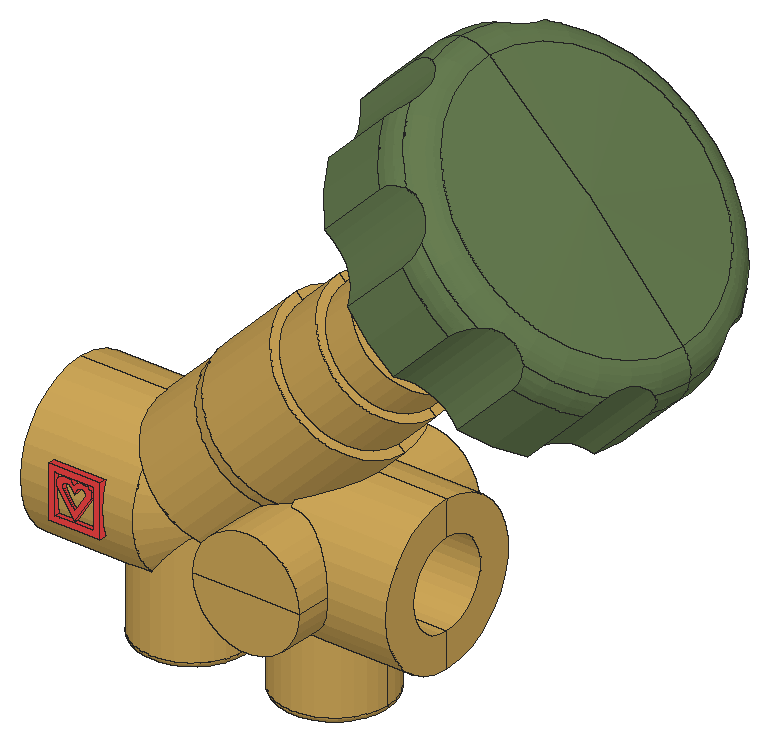
Revit family "Absperrventil 4125 AWD", category Rohrzubehör, Revit 2018
Family settings
  Bemaßung runder Anschluss = Durchmesser verwenden
  Teiletyp = Unterbricht
  OmniClass-Nummer = 23.65.55.14
  OmniClass-Titel = Valves for Liquid Services
  Arbeitsebenenbasiert = Nein
  Immer vertikal = Ja
  Beim Laden mit Abzugskörper schneiden = Nein
  Gemeinsam genutzt = Nein
Parameters
  W01 = 45.00°  # constant formula
  URL = "www.herz-armaturen.at"
  Technisch möglicher Einsatz = " "  # constant formula
  Spindel = "Messing CW617N"  # constant formula
  SW01 = 60.00°  # constant formula
  SC_NennweiteBerechnet = 0
  SC_Dimension = ""
  SCTWSEQ = "FW;SBT_TYP_FW=\"109\";2"
  SCTWCODE = "04;00;02"  # constant formula
  S03 = 60.000 mm  # constant formula
  S02 [instance] = L06 + L09 + L12 + L15  # 77.900 mm
  S01 [instance] = R01 * 2  # 27.000 mm
  R12 [instance] = R01 - 1.000 mm  # 12.500 mm
  R11 [instance] = size_lookup("4125AWD_", "R11", 46.500 mm, Nennweite)  # 5.100 mm
  R100 = 1.000 mm  # constant formula
  R10 [instance] = size_lookup("4125AWD_", "R10", 46.500 mm, Nennweite)  # 8.000 mm
  R09 [instance] = size_lookup("4125AWD_", "R9", 46.500 mm, Nennweite)  # 10.500 mm
  R08 [instance] = size_lookup("4125AWD_", "R8", 46.500 mm, Nennweite)  # 12.000 mm
  R07 [instance] = size_lookup("4125AWD_", "R7", 46.500 mm, Nennweite)  # 13.500 mm
  R06 [instance] = size_lookup("4125AWD_", "R6", 43.000 mm, Nennweite)  # 13.000 mm
  R05 [instance] = Nennweite / 2  # 7.500 mm
  R04 [instance] = size_lookup("4125AWD_", "R4", 11.500 mm, Nennweite)  # 9.500 mm
  R03 = 9.500 mm  # constant formula
  R02 [instance] = Nennweite / 2  # 7.500 mm
  R01 [instance] = size_lookup("4125AWD_", "R1", 11.500 mm, Nennweite)  # 13.500 mm
  Oberteil = "entzinkungsbeständiges Messing CW626N"  # constant formula
  Nennweite [instance] = 15.000 mm
  Min. Durchfluss bei Dp 10 kPa [instance] = if(Nennweite = 15.000 mm, 0.5 L/s, if(Nennweite = 20.000 mm, 1.0 L/s, if(Nennweite = 25.000 mm, 1.75 L/s, if(Nennweite = 32.000 mm, 3.0 L/s, if(Nennweite = 40.000 mm, 4.0 L/s, if(Nennweite = 50.000 mm, 6.75 L/s, if(Nennweite = 65.000 mm, 11.0 L/s, if(Nennweite = 80.000 mm, 16.0 L/s, 0.0 L/s))))))))  # 0.5 L/s
  Medium = "Trinkwasser"  # constant formula
  Max. Gebrauchstemperatur (ÖVGW) = 65 °C  # constant formula
  Max. Differenzdruck auf geschlossenen Sitz = 1000000.0 Pa  # constant formula
  Max. Betriebstemperatur = 80 °C  # constant formula
  Max. Betriebsdruck (ÖVGW) = 1000000.0 Pa  # constant formula
  Max. Betriebsdruck = 2000000.0 Pa  # constant formula
  L16 [instance] = L01 / 2  # 10.000 mm
  L15 [instance] = size_lookup("4125AWD_", "L15", 12.400 mm, Nennweite)  # 12.400 mm
  L14 [instance] = size_lookup("4125AWD_", "L14", 81.000 mm, Nennweite)  # 6.000 mm
  L12 [instance] = size_lookup("4125AWD_", "L12", 81.000 mm, Nennweite)  # 26.000 mm
  L11 [instance] = size_lookup("4125AWD_", "L11", 60.000 mm, Nennweite)  # 6.700 mm
  L10 [instance] = size_lookup("4125AWD_", "L10", 20.000 mm, Nennweite)  # 9.300 mm
  L09 [instance] = size_lookup("4125AWD_", "L9", 11.000 mm, Nennweite)  # 17.000 mm
  L08 [instance] = size_lookup("4125AWD_", "L8", 35.000 mm, Nennweite)  # 20.000 mm
  L07 [instance] = size_lookup("4125AWD_", "L7", 35.000 mm, Nennweite)  # 12.500 mm
  L06 [instance] = size_lookup("4125AWD_", "L6", 118.000 mm, Nennweite) - L09  # 22.500 mm
  L05 [instance] = size_lookup("4125AWD_", "L5", 44.000 mm, Nennweite)  # 20.500 mm
  L04 [instance] = size_lookup("4125AWD_", "L4", 45.000 mm, Nennweite)  # 19.500 mm
  L03 = 15.000 mm  # constant formula
  L02 [instance] = size_lookup("4125AWD_", "L2", 22.000 mm, Nennweite)  # 6.000 mm
  L01 [instance] = size_lookup("4125AWD_", "L1", 48.000 mm, Nennweite)  # 20.000 mm
  L00 [instance] = size_lookup("4125AWD_", "L", 180.000 mm, Nennweite)  # 65.000 mm
  Kegel = "entzinkungsbeständiges Messing CW626N"  # constant formula
  Hinweis = "Gemäß Art 33 der REACH-Verordnung (EG Nr. 1907/2006) sind wir verpflichtet, darauf hinzuweisen, dass der Stoff Blei auf der SVHC-Liste geführt wird und dass alle aus Messing bestehenden Bauteile, die in unseren Erzeugnissen verarbeitet sind, mehr als 0,1 % (w/w) Blei (CAS: 7439-92-1 / EINECS: 231-100-4) enthalten.\r\nDa Blei als Legierungsbestandteil fest gebunden ist, sind keine Expositionen zu erwarten und daher sind keine zusätzlichen Angaben zur sicheren Verwendung notwendig."
  Hersteller = "HERZ Armaturen Ges.m.b.H."  # constant formula
  Handrad = "Kunststoff, grün"  # constant formula
  H01 [instance] = size_lookup("4125AWD_", "H1", 53.000 mm, Nennweite)  # 24.000 mm
  Gelegentliche Temperaturanstiege = "bis 95°C, wenn sie nicht länger als 1 h andauern"  # constant formula
  Gehäuse = "entzinkungsbeständiges Gussmessing CC770S"  # constant formula
  Dichtungen = "EPDM nach KTW"  # constant formula
  DN80 [instance] = Nennweite = 80.000 mm  # no
  DN65 [instance] = Nennweite = 65.000 mm  # no
  DN50 [instance] = Nennweite = 50.000 mm  # no
  DN40 [instance] = Nennweite = 40.000 mm  # no
  DN32 [instance] = Nennweite = 32.000 mm  # no
  DN25 [instance] = Nennweite = 25.000 mm  # no
  DN20 [instance] = Nennweite = 20.000 mm  # no
  DN15 [instance] = Nennweite = 15.000 mm  # yes
  Bestellnummer [instance] = size_lookup("4125AWD_", "Artnr", 0, Nennweite)  # 2412571
  Anwendungsgebiet = "Zum Absperren von Trinkwasserleitungen in Gebäuden."
Reference planes
  plane 1 "Mitte (Vorne/hinten)": y = 0
  plane 2: z = 0
  plane 3 "Mitte (Links/rechts)": x = 0
Forms (mm)
  Revolve 1, solid, material "Messing, weicher Gelbton, geschweißt", detail levels fine
    sketch origin (470, 0, 0) x (1, 0, 0) y (0, 0, 1)
      loop
        line (-502.5, 7.5) -> (-487.5, 7.5) -> (-487.5, 0) -> (-452.5, 0) -> (-452.5, 7.5) -> (-437.5, 7.5) -> (-437.5, 13.5) -> (-457.5, 13.5) -> (-464, 7.5) -> (-476, 7.5) -> (-482.5, 13.5) -> (-502.5, 13.5) -> (-502.5, 7.5)
      axis (-502.5, 0) -> (-437.5, 0)
    angle from 0 to 360
  Revolve 2, solid, material "Messing, weicher Gelbton, geschweißt", detail levels fine
    sketch origin (470, 0, 0) x (1, 0, 0) y (0, 0, 1)
      loop
        line (-492, 0) -> (-492, -23)
        arc (-492, -23) -> (-491.707, -23.707) -> (-491, -24) r 1
        line (-491, -24) -> (-482.5, -24) -> (-482.5, 0) -> (-492, 0)
      axis (-482.5, 0) -> (-482.5, -24)
    angle from 0 to 360
  Revolve 3, solid, material "Messing, weicher Gelbton, geschweißt", detail levels fine
    sketch origin (0, 0, 0) x (1, 0, 0) y (0, 1, 0)
      loop
        line (12.5, -19.5) -> (22, -19.5) -> (22, 20.5) -> (12.5, 20.5) -> (12.5, -19.5)
      axis (12.5, -19.5) -> (12.5, 20.5)
    angle from 0 to 360
  Revolve 4, solid, material "Messing, weicher Gelbton, geschweißt", detail levels fine
    sketch origin (-470, 0, 0) x (-1, 0, 0) y (0, 0, 1)
      loop
        line (-492, 0) -> (-492, -23)
        arc (-492, -23) -> (-491.707, -23.707) -> (-491, -24) r 1
        line (-491, -24) -> (-482.5, -24) -> (-482.5, 0) -> (-492, 0)
      axis (-482.5, 0) -> (-482.5, -24)
    angle from 0 to 360
  Revolve 5, solid, material "Messing, weicher Gelbton, geschweißt", detail levels fine
    sketch origin (0.32, 0, -0.105) x (1, 0, 0) y (0, 0, 1)
      loop
        line (-12.82, 0) -> (42.264, 55.084) -> (38.657, 58.69) -> (29.889, 49.922) -> (27.839, 51.972) -> (20.767, 44.901) -> (19, 46.669) -> (14.262, 41.931) -> (13.201, 42.992) -> (6.625, 36.416) -> (5.565, 37.477) -> (-6.456, 25.456) -> (-7.87, 23.335) -> (-17.77, 13.435) -> (-18.123, 5.303) -> (-12.82, 0)
      axis (-12.82, 0) -> (42.264, 55.084)
    angle from 0 to 360
Lines and regions (mm)
  model lines, detail levels coarse+medium
    curve 1: line (-32.5, 0, 13.5) -> (-32.5, 0, -13.5)
    curve 2: line (-32.5, 0, -13.5) -> (32.5, 0, 13.5)
    curve 3: line (32.5, 0, 13.5) -> (32.5, 0, -13.5)
    curve 4: line (32.5, 0, -13.5) -> (-32.5, 0, 13.5)
    curve 5: line (0, 0, 0) -> (38.95, 0, 67.463)
    curve 6: line (12.969, 0, 82.463) -> (64.931, 0, 52.463)
    curve 7: line (-32.5, -13.5, 0) -> (-32.5, 13.5, 0)
    curve 8: line (-32.5, 13.5, 0) -> (32.5, -13.5, 0)
    curve 9: line (32.5, -13.5, 0) -> (32.5, 13.5, 0)
    curve 10: line (32.5, 13.5, 0) -> (-32.5, -13.5, 0)
    curve 11: line (0, 0, 0) -> (38.95, 67.463, 0)
    curve 12: line (12.969, 82.463, 0) -> (64.931, 52.463, 0)
Dimensions and locks
  "H01": plane 2 to Revolve 2 sketch curve
  "L00": Revolve 1 sketch curve to Revolve 1 sketch curve
  equal spacing: Revolve 1 sketch curve, plane 3 "Mitte (Links/rechts)", Revolve 1 sketch curve
  "R01": Revolve 1 sketch curve to Revolve 1 sketch curve  (x2)
  "R02": Revolve 1 sketch curve to Revolve 1 sketch curve  (x3)
  "L01": Revolve 1 sketch curve to Revolve 1 sketch curve  (x2)
  "L02": plane 3 "Mitte (Links/rechts)" to Revolve 1 sketch curve
  "L02": Revolve 1 sketch curve to plane 3 "Mitte (Links/rechts)"
  "L03": Revolve 1 sketch curve to Revolve 1 sketch curve  (x2)
  "L01": Revolve 1 to Revolve 2 sketch curve
  "R03": Revolve 2 sketch curve to Revolve 2 sketch curve
  "L01": Revolve 4 sketch curve to Revolve 1
  "R03": Revolve 4 sketch curve to Revolve 4 sketch curve
  "H01": plane 2 to Revolve 4 sketch curve
  "L04": Revolve 3 sketch curve to plane 1 "Mitte (Vorne/hinten)"
  "L05": plane 1 "Mitte (Vorne/hinten)" to Revolve 3 sketch curve
  "R04": Revolve 3 sketch curve to Revolve 3 sketch curve
  "L01": Revolve 3 sketch curve to Revolve 1
  "R07": Revolve 5 sketch curve to Revolve 5 sketch curve
  "L07": plane 3 "Mitte (Links/rechts)" to Revolve 5 sketch curve
  "R05": Revolve 5 sketch curve to Revolve 5 sketch curve
  "L06": Revolve 5 sketch curve to Revolve 5 sketch curve
  "L08": Revolve 5 sketch curve to Revolve 5 sketch curve
  "R06": Revolve 5 sketch curve to Revolve 5 sketch curve
  "L14": Revolve 5 sketch curve to Revolve 5 sketch curve
  "L09": Revolve 5 sketch curve to Revolve 5 sketch curve
  "R08": Revolve 5 sketch curve to Revolve 5 sketch curve
  "L10": Revolve 5 sketch curve to Revolve 5 sketch curve
  "R09": Revolve 5 sketch curve to Revolve 5 sketch curve
  "R10": Revolve 5 sketch curve to Revolve 5 sketch curve
  "L12": Revolve 5 sketch curve to Revolve 5 sketch curve
  "R11": Revolve 5 sketch curve to Revolve 5 sketch curve
  "L15": Revolve 5 sketch curve to Revolve 5 sketch curve
  "L11": Revolve 5 sketch curve to Revolve 5 sketch curve
  "R12": nested 9 to plane 1 "Mitte (Vorne/hinten)"
  "L16": Revolve 1 to nested 9
  equal spacing: curve 1, plane 3 "Mitte (Links/rechts)", curve 3
  "L00": curve 1 to curve 3
  equal spacing: curve 4, plane 2, curve 2
  "S01": curve 4 to curve 1
  "S01": curve 3 to curve 4
  equal spacing: curve 3, plane 2, curve 4
  "S02": curve 5 to curve 5
  equal spacing: curve 6, curve 5, curve 6
  "S03": curve 6 to curve 6
  equal spacing: curve 7, plane 3 "Mitte (Links/rechts)", curve 9
  "L00": curve 7 to curve 9
  equal spacing: curve 10, plane 1 "Mitte (Vorne/hinten)", curve 8
  "S01": curve 8 to curve 10
  equal spacing: curve 9, plane 1 "Mitte (Vorne/hinten)", curve 10
  "S01": curve 10 to curve 9
  "S02": curve 11 to curve 11
  equal spacing: curve 12, curve 11, curve 12
  "S03": curve 12 to curve 12
  "R100": radius of Revolve 2 sketch curve
  "R100": radius of Revolve 4 sketch curve
  "W01": angle plane 2 to Revolve 5 sketch curve
  "W01": angle level to Revolve 5 sketch curve
  "SW01": angle plane 2 to curve 5
  "SW01": angle plane 1 "Mitte (Vorne/hinten)" to curve 11
  aligned and locked: level to plane 2
Automatic sketch dimensions
  curve 5 to level = 0.000 mm
  plane 1 "Mitte (Vorne/hinten)" to curve 11 = 0.000 mm
  Revolve 1 sketch curve to level = 0.000 mm  (x2)
  Revolve 1 sketch curve to Revolve 1 sketch curve = 791.990 mm
  Revolve 1 sketch curve to Revolve 1 sketch curve = 2278.983 mm
  Revolve 2 sketch curve to level = 0.000 mm  (x2)
  Revolve 2 sketch curve to Revolve 2 sketch curve = 0.000 mm
  Revolve 2 sketch curve to Revolve 2 sketch curve = 0.292 mm
  Revolve 3 sketch curve to Revolve 3 sketch curve = 0.000 mm  (x3)
  Revolve 4 sketch curve to level = 0.000 mm  (x2)
  Revolve 4 sketch curve to Revolve 4 sketch curve = 0.000 mm
  Revolve 4 sketch curve to Revolve 4 sketch curve = 0.292 mm
  Revolve 5 sketch curve to level = 0.105 mm
  Revolve 5 sketch curve to Revolve 5 sketch curve = 0.000 mm  (x2)
Nested families
  nested 1: "Strömax-Handrad_Schrägsitz (Grün)" at (42.584, 0, 54.979), visible <- "DN15", type "Strömax-Handrad_Schrägsitz (Grün)", detail levels fine
    with Nennweite 0.000 mm, Gewicht 0.00 kg, Bestellnummer 0
  nested 2: "Strömax-Handrad_Schrägsitz (Grün)" at (54.312, 0, 67.707), visible <- "DN20", type "Strömax-Handrad_Schrägsitz (Grün)", detail levels fine
    with Nennweite 0.000 mm, Gewicht 0.00 kg, Bestellnummer 0
  nested 3: "Strömax-Handrad_Schrägsitz (Grün)" at (62.469, 0, 80.364), visible <- "DN25", type "Strömax-Handrad_Schrägsitz (Grün)", detail levels fine
    with Nennweite 0.000 mm, Gewicht 0.00 kg, Bestellnummer 0
  nested 4: "Strömax-Handrad_Schrägsitz (Grün)" at (71.712, 0, 91.607), visible <- "DN32", type "Strömax-Handrad_Schrägsitz (Grün)", detail levels fine
    with Nennweite 0.000 mm, Gewicht 0.00 kg, Bestellnummer 0
  nested 5: "Strömax-Handrad_Schrägsitz (Grün)" at (80.399, 0, 101.294), visible <- "DN40", type "Strömax-Handrad_Schrägsitz (Grün)", detail levels fine
    with Nennweite 0.000 mm, Gewicht 0.00 kg, Bestellnummer 0
  nested 6: "Strömax-Handrad_Schrägsitz (Grün)" at (97.83, 0, 129.225), visible <- "DN50", type "Strömax-Handrad_Schrägsitz (Grün)", detail levels fine
    with Nennweite 0.000 mm, Gewicht 0.00 kg, Bestellnummer 0
  nested 7: "Strömax-Handrad_Schrägsitz (Grün)" at (114.482, 0, 149.378), visible <- "DN65", type "Strömax-Handrad_Schrägsitz (Grün)", detail levels fine
    with Nennweite 0.000 mm, Gewicht 0.00 kg, Bestellnummer 0
  nested 8: "Strömax-Handrad_Schrägsitz (Grün)" at (140.423, 0, 183.319), visible <- "DN80", type "Strömax-Handrad_Schrägsitz (Grün)", detail levels fine
    with Nennweite 0.000 mm, Gewicht 0.00 kg, Bestellnummer 0
  nested 9: "Herz-Logo-vorne" at (-22.5, -13.232, 0) x (0, 1, 0) z (0, 0, 1), type "Herz-Logo-vorne", detail levels fine
Connectors
  piping at (-17.5, 0, 0), diameter 15, driven by "Nennweite"
    settings: on Revolve 1, index 1, connector inside diameter 609.6 mm, connector length 0.000 mm, flow factor 0, pipe flow 0.0 L/s, pressure drop 0.0 Pa, fitting loss kfactor 0, connector angle 0.00°, fixture units 0, engagement length 0.000 mm, angle of deflection 0.00°, flow configuration 0, flow direction 1, fitting loss method 0, system type 29, joint type 0, gender type 0, connector reference index -1, connector utility 0, adjustable connector no, is connector primary yes, connector description ""
  piping at (17.5, 0, 0), diameter 15, driven by "Nennweite"
    settings: on Revolve 1, index 2, connector inside diameter 609.6 mm, connector length 0.000 mm, flow factor 0, pipe flow 0.0 L/s, pressure drop 0.0 Pa, fitting loss kfactor 0, connector angle 0.00°, fixture units 0, engagement length 0.000 mm, angle of deflection 0.00°, flow configuration 0, flow direction 2, fitting loss method 0, system type 29, joint type 0, gender type 0, connector reference index -1, connector utility 0, adjustable connector no, is connector primary no, connector description ""
Definition of nested family "Strömax-Handrad_Schrägsitz (Grün)"
  Parameters (values of type "Strömax-Handrad_Schrägsitz (Grün)")
    URL = "www.herz-armaturen.at"
    Nennweite [instance] = 0.000 mm
    Manufacturer = "Herz Armaturen GmbH"  # constant formula
    Gewicht [instance] = 0.00 kg
    Bestellnummer [instance] = 0
  Reference planes
    plane 1 "Mitte (Vorne/hinten)": y = 0
    plane 2: z = 0
    plane 3 "Mitte (Links/rechts)": x = 0
  Forms (mm)
    Revolve 1, solid
      sketch origin (0, 0, 0) x (0.707107, 0, -0.707107) y (0.707107, 0, 0.707107)
        loop
          line (0, 0) -> (0, 22)
          arc (0, 22) -> (-12.15, 21.705) -> (-24.271, 20.819) r 250
          arc (-24.271, 20.819) -> (-26.831, 19.959) -> (-28.754, 18.063) r 6
          arc (-28.754, 18.063) -> (-29.682, 16.008) -> (-30, 13.776) r 8
          line (-30, 13.776) -> (-30, 0) -> (0, 0)
        axis (0, 22) -> (0, 0)
      angle from 0 to 360
    Extrusion 2, void
      sketch origin (0, 0, 0) x (0.707107, 0, -0.707107) y (0, 1, 0)
        loop
          circle (14.351, -34.645) r 10
      from 0 to 22
    Extrusion 3, void
      sketch origin (0, 0, 0) x (-0.707107, 0, 0.707107) y (0, -1, 0)
        loop
          circle (14.351, 34.645) r 10
      from 0 to 22
    Extrusion 4, void
      sketch origin (0, 0, 0) x (0, -1, 0) y (0.707107, 0, -0.707107)
        loop
          circle (14.351, 34.645) r 10
      from 0 to 22
    Extrusion 5, void
      sketch origin (0, 0, 0) x (0, 1, 0) y (-0.707107, 0, 0.707107)
        loop
          circle (14.351, -34.645) r 10
      from 0 to 22
    Extrusion 6, void
      sketch origin (0, 0, 0) x (0, -1, 0) y (0.707107, 0, -0.707107)
        loop
          circle (14.351, -34.645) r 10
      from 0 to 22
    Extrusion 7, void
      sketch origin (0, 0, 0) x (0, 1, 0) y (-0.707107, 0, 0.707107)
        loop
          circle (14.351, 34.645) r 10
      from 0 to 22
    Extrusion 8, void
      sketch origin (0, 0, 0) x (0.707107, 0, -0.707107) y (0, 1, 0)
        loop
          circle (14.351, 34.645) r 10
      from 0 to 22
    Extrusion 9, void
      sketch origin (0, 0, 0) x (-0.707107, 0, 0.707107) y (0, -1, 0)
        loop
          circle (14.351, -34.645) r 10
      from 0 to 22
  Cuts and joins
    Extrusion 2, Extrusion 3, Extrusion 4, Extrusion 5, Extrusion 6, Extrusion 7, Extrusion 8, Extrusion 9 cuts Revolve 1
  Dimensions and locks
    aligned and locked: level to plane 2
Definition of nested family "Herz-Logo-vorne"
  Reference planes
    plane 1 "Mitte (Vorne/hinten)": y = 0
    plane 2: z = 0
    plane 3 "Mitte (Links/rechts)": x = 0
  Forms (mm)
    Extrusion 1, solid
      sketch origin (0.732, -0.018, 0.017) x (0, -1, 0) y (0, 0, 1)
        loop
          line (-0.018, -4.517) -> (4.482, -4.517) -> (4.482, 4.483) -> (-4.518, 4.483) -> (-4.518, -4.517) -> (-0.018, -4.517)
        loop
          line (-0.05, -3.48) -> (3.482, -3.48) -> (3.482, 3.483) -> (-3.518, 3.483) -> (-3.518, -3.48) -> (-0.05, -3.48)
        loop
          arc (-0.018, 2.383) -> (-1.543, 3.287) -> (-3.067, 2.383) r 1.738
          arc (-3.067, 2.383) -> (-3.191, 1.899) -> (-3.067, 1.415) r 1.009
          line (-3.067, 1.415) -> (-0.018, -3.281) -> (3.032, 1.415)
          arc (3.032, 1.415) -> (3.156, 1.899) -> (3.032, 2.383) r 1.009
          arc (3.032, 2.383) -> (1.507, 3.287) -> (-0.018, 2.383) r 1.738
        loop
          arc (1.885, 1.272) -> (2.005, 1.675) -> (1.885, 2.079) r 0.74
          arc (1.885, 2.079) -> (1.265, 2.416) -> (0.644, 2.079) r 0.74
          line (0.644, 2.079) -> (-0.018, 0.97) -> (-0.679, 2.079)
          arc (-0.679, 2.079) -> (-1.3, 2.416) -> (-1.921, 2.079) r 0.74
          arc (-1.921, 2.079) -> (-2.04, 1.675) -> (-1.921, 1.272) r 0.74
          line (-1.921, 1.272) -> (-0.018, -1.658) -> (1.885, 1.272)
      from 0 to 1.5
  Dimensions and locks
    aligned and locked: level to plane 2
